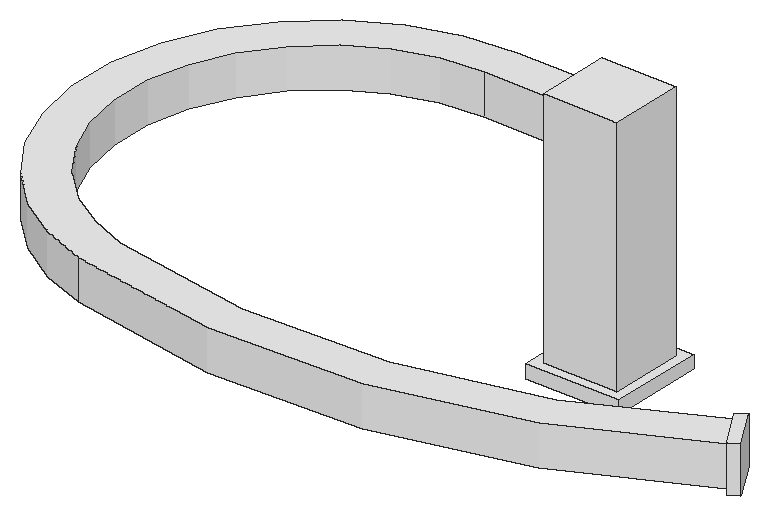
Revit family "Towel Ring-Wall-Caroma Quatro", category Specialty Equipment, host Face, Revit 2013
Parameters (values of type "Standard")
  URL = "http://www.caroma.com.au/"
  Type Comments = "Caroma Quatro Towel Ring"  # constant formula
  ModifiedIssue_ANZRS = 1  # constant formula
  Model = "90725C"  # constant formula
  Material_ANZRS = Metal-Chrome-Caroma
  Manufacturer = "GWA Bathrooms & Kitchens"  # constant formula
  Length_ANZRS = 230 mm  # constant formula
  Description = ""
  Default Elevation = 900 mm
  CreatedBy_ANZRS = "Design Content"  # constant formula
  CreatedByURL_ANZRS = "www.designcontent.com.au"
  Cost = 0
  Assembly Code = "C1030200"
Reference planes
  plane 1 "Center (Elevation)": y = 0
  plane 2 "Back": z = 0
  plane 3 "Center (Left/Right)": x = 0
  plane 4 "Left": x = -104
  plane 5 "Right": x = 126
  plane 6 "Top": y = 14
  plane 7 "Front": z = 76
  plane 8 "Bottom": y = -142.5
Forms (mm)
  Sweep 1, solid, material "Metal-Chrome-Caroma" <- "Material_ANZRS"
    path origin (0, 0, 0) x (1, 0, 0) y (0, 1, 0)
      loop
        line (-11, 0) -> (-32.688, 0)
        arc (-32.688, 0) -> (-91.994, -37.918) -> (-82.466, -107.661) r 65.338
        arc (-82.466, -107.661) -> (-67.76, -120.466) -> (-49.93, -128.36) r 65.338
        arc (-49.93, -128.36) -> (37.216, -133.752) -> (119.273, -103.915) r 214.181
    profile origin (-21.844, 0, 0) x (0, -1, 0) y (0, 0, 1)
      loop
        line (-6, 72) -> (-6, 60) -> (6, 60) -> (6, 72) -> (-6, 72)
  Extrusion 2, solid, material "Metal-Chrome-Caroma" <- "Material_ANZRS"
    sketch origin (0, 0, 0) x (1, 0, 0) y (0, 1, 0)
      loop
        line (-14, 14) -> (-14, -14) -> (14, -14) -> (14, 14) -> (-14, 14)
    from 0 to 4
  Extrusion 3, solid, material "Metal-Chrome-Caroma" <- "Material_ANZRS"
    sketch origin (0, 0, 0) x (1, 0, 0) y (0, 1, 0)
      loop
        line (-11, 11) -> (-11, -11) -> (11, -11) -> (11, 11) -> (-11, 11)
    from 4 to 76
  Extrusion 4, solid, material "Metal-Chrome-Caroma" <- "Material_ANZRS"
    sketch origin (0, 0, 0) x (1, 0, 0) y (0, 1, 0)
      loop
        line (122.956, -109.868) -> (125.823, -108.094) -> (118.458, -96.188) -> (115.59, -97.962) -> (122.956, -109.868)
    from 59 to 73
Cuts and joins
  joined: Sweep 1, Extrusion 2, Extrusion 3, Extrusion 4
Dimensions and locks
  plane 7 "Front" to level = 76 mm
  plane 4 "Left" to plane 3 "Center (Left/Right)" to plane 5 "Right" = 104 mm, 126 mm
  aligned and locked: plane 2 "Back" to host face
  aligned and locked: level to host face
